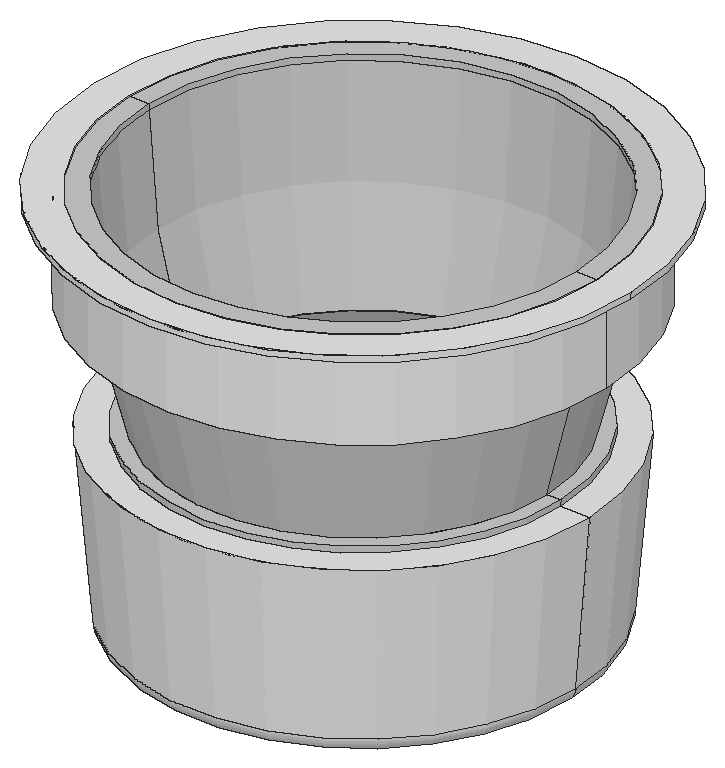
Revit family "2059362 Lighting Fixture_Sylvania_Ascent 150 II Round_Ceiling Recessed", category Lighting Fixtures, host Face, Revit 2017
Family settings
  Host = Face
  Round Connector Dimension = Use Diameter
  Part Type = Normal
  OmniClass Number = 23.80.70.11.17
  OmniClass Title = Specialized Lighting by Location or Use
  Cut with Voids When Loaded = No
  Light Source = Yes
  Shared = No
  Room Calculation Point = No
Parameters (values of type "ASCENT 150 II 2400 4K STD EM")
  Upper Body Radius = Radius - 14.5 mm  # 80.0 mm
  Upper Body Material = Metal_Sylvania_Ascent 150 II_Black
  Ring Outer Diameter = Diameter - 17.0 mm  # 172.0 mm
  Ring Inner Diameter = Ring Outer Diameter - 4.0 mm  # 168.0 mm
  Reflector Material = Metal_Sylvania_Ascent 150 II_Polished
  Recessed Depth = 142.0 mm
  Radius = Diameter / 2  # 94.5 mm
  Light Emit  Diameter = Diameter - 38.0 mm  # 151.0 mm
  LOR = "100%"  # constant formula
  Inrush Current (max. quantity per 16A C breaker) = "80"  # constant formula
  Inner Reflector Radius = Inner Radius - 19.5 mm  # 63.0 mm
  Inner Radius = Inner Diameter / 2  # 82.5 mm
  Inner Diameter = Diameter - 24.0 mm  # 165.0 mm
  IP Rating = "IP44"  # constant formula
  IK Rating = "IK02"  # constant formula
  Glow Wire Test = 650 °C  # constant formula
  Energy Class = "A++,A+,A"  # constant formula
  Weight = 2.45 kg
  Wattage = 3.42276 W
  built-in parameter 1150110 = 1 (stored number, unit not read)
  Voltage Comments = "UNV (Universal Voltage; 220-240 Volt)"  # constant formula
  Voltage = 230 V  # constant formula
  URL = "https://www.sylvania-lighting.com"
  built-in parameter 1114217 = 1 (stored number, unit not read)
  Tilt Angle = -90°
  built-in parameter 1150109 = 1 (stored number, unit not read)
  built-in parameter 1150134 = 12
  built-in parameter 1150113 = 1 (stored number, unit not read)
  Product Page URL = "https://www.sylvania-lighting.com/product/en-int/products/2059362"
  Product Family = "ASCENT 150 II ROUND"  # constant formula
  Photometry Comments = ""
  Photometric Web File = "2059362_ASCENT150II24004KSTDEM-206423.ies"
  Life = "50 000 h"  # constant formula
  Emit from Circle Diameter = Light Emit  Diameter  # 151.0 mm
  Emit Shape Visible in Rendering = no
  Emergency duration (h) = "N/A"
  Electrical Protection = "Class II"  # constant formula
  Drive Current = "700mA"  # constant formula
  Distribution type = "Direct"  # constant formula
  Diffuser Material = Glass_Sylvania_Ascent 150 II_Clear_4000K
  Diameter = 189.0 mm
  Cutout Diameter = Diameter - 13.0 mm  # 176.0 mm
  Colour consistency (SDCM) = "3 step"  # constant formula
  built-in parameter 1114216 [instance] = 1 (stored number, unit not read)
  Model = "ASCENT 150 II 2400 4K STD EM"
  Manufacturer = "Feilo Sylvania"
  built-in parameter 1150105 = 253.56 (stored number, unit not read)
  Lumens = 421 lm
  built-in parameter 1150115 = 1 (stored number, unit not read)
  built-in parameter 1150137 = (empty or 0)
  built-in parameter 1150139 = (empty or 0)
  built-in parameter 1150112 = 1 (stored number, unit not read)
  built-in parameter 1150114 = 1 (stored number, unit not read)
  Lamp Comments = "Integrated LED"  # constant formula
  Lamp = "LED"  # constant formula
  built-in parameter 1150132 = 2
  built-in parameter 1150102 = (empty or 0)
  built-in parameter 1150107 = 4000 (stored number, unit not read)
  built-in parameter 1150138 = (empty or 0)
  built-in parameter 1150106 = 2.5356 (stored number, unit not read)
  built-in parameter 1150104 = 11.427 (stored number, unit not read)
  Dimming Lamp Color Temperature Shift = <None>
  Description = "A very high efficient round downlight up to 127lm/W Long life >50,000hrs 4,000K and 3,000K CCT and CRI Ra85 IP44 rated for wet areas and bathrooms UGR <19 version for offices to comply with EN12464-1 Wide selection of decorative accessories"  # constant formula
  Default Elevation = 0.0 mm
  Color Filter = 16777215
  Catalog Number = "2059362 ASCENT 150 II 2400 4K STD EM"
  built-in parameter 1140040 [instance] = 1
  CRI (Ra) = ">80"  # constant formula
  built-in parameter 1114218 = 1 (stored number, unit not read)
  built-in parameter 1150133 = 10 (stored number, unit not read)
  Assembly Code = "D5020200"
  Apparent Load Comments = ""
  Apparent Load = 14 VA
  Accessory Material = Aluminum_Sylvania_Ascent 150 II_White
Reference planes
  plane 1 "Center (Front/Back)": y = 0
  plane 2: z = 0
  plane 3 "Center (Left/Right)": x = 0
  plane 4: z = 2
  plane 5: z = -74
  plane 6 "Fixture Top": z = -140
  plane 7: z = -31
  plane 8: z = -72
  plane 9: z = -62.037
Forms (mm)
  Extrusion 1, solid, material "Aluminum_Sylvania_Ascent 150 II_White" <- "Accessory Material", detail levels fine
    sketch origin (0, 0, 0) x (1, 0, 0) y (0, 1, 0)
      loop
        circle (0, 0) r 94.5
      loop
        circle (0, 0) r 82.5
    from 0 to 2
  Extrusion 2, void
    sketch origin (0, 0, 0) x (1, 0, 0) y (0, 1, 0)
      loop
        circle (0, 0) r 88
    from -140 to 2
  Revolve 3, solid, material "Metal_Sylvania_Ascent 150 II_Polished" <- "Reflector Material", detail levels fine
    sketch origin (0, 0, 0) x (1, 0, 0) y (0, 0, 1)
      loop
        line (-82.5, 0) -> (-77.5, 0)
        arc (-77.5, 0) -> (-74.352, -36.539) -> (-65, -72) r 213.61
        line (-65, -72) -> (-70, -72) -> (-70, -74) -> (0, -74) -> (0, -72) -> (-63, -72)
        arc (-63, -72) -> (-72.352, -36.539) -> (-75.5, 0) r 213.61
        line (-75.5, 0) -> (-75.5, 2) -> (-82.5, 2) -> (-82.5, 0)
      axis (0, 2) -> (0, -74)
    angle from 0 to 360
  Extrusion 4, solid, material "Aluminum_Sylvania_Ascent 150 II_White" <- "Accessory Material", detail levels fine
    sketch origin (0, 0, 0) x (1, 0, 0) y (0, 1, 0)
      loop
        circle (0, 0) r 86
      loop
        circle (0, 0) r 84
    from -31 to 0
  Revolve 5, solid, material "Glass_Sylvania_Ascent 150 II_Clear_4000K" <- "Diffuser Material", detail levels fine
    sketch origin (0, 0, 0) x (1, 0, 0) y (0, 0, 1)
      loop
        line (-63, -72) -> (0, -72) -> (0, -62.037)
        arc (0, -62.037) -> (-31.891, -64.543) -> (-63, -72) r 204.163
      axis (0, -62.037) -> (0, -72)
    angle from 0 to 360
  Revolve 6, solid, material "Metal_Sylvania_Ascent 150 II_Black" <- "Upper Body Material", detail levels fine
    sketch origin (0, 0, 0) x (1, 0, 0) y (0, 0, 1)
      loop
        line (0, -74) -> (-80, -74) -> (-75.107, -129.929)
        arc (-75.107, -129.929) -> (-73.452, -133.536) -> (-69.924, -135.353) r 6.079
        arc (-69.924, -135.353) -> (-35.039, -138.837) -> (0, -140) r 528.435
        line (0, -140) -> (0, -74)
      axis (0, -74) -> (0, -140)
    angle from 0 to 360
  Revolve 7, solid, material "Aluminum_Sylvania_Ascent 150 II_White" <- "Accessory Material", detail levels coarse+medium
    sketch origin (0, 0, 0) x (1, 0, 0) y (0, 0, 1)
      loop
        arc (-69.924, -135.353) -> (-35.039, -138.837) -> (0, -140) r 528.435
        line (0, -140) -> (0, 2) -> (-94.5, 2) -> (-94.5, 0) -> (-86, 0) -> (-86, -31)
        arc (-86, -31) -> (-84.493, -52.708) -> (-80, -74) r 157.083
        line (-80, -74) -> (-75.107, -129.929)
        arc (-75.107, -129.929) -> (-73.452, -133.536) -> (-69.924, -135.353) r 6.079
      axis (0, 2) -> (0, -140)
    angle from 0 to 360
Cuts and joins
  joined: Extrusion 1, Extrusion 4
Lines and regions (mm)
  Masking region 1
    outline origin (0, 0, 0) x (1, 0, 0) y (0, 1, 0)
      loop
        circle (0, 0) r 94.5
  symbolic lines, detail levels fine
    curve 1: arc (-75.5, 0, 0) -> (0, 75.5, 0) -> (75.5, 0, 0) r 75.5
    curve 2: arc (75.5, 0, 0) -> (0, -75.5, 0) -> (-75.5, 0, 0) r 75.5
Dimensions and locks
  plane 4 to plane 2 to plane 7 to plane 9 to plane 8 to plane 5 = 2.0 mm locked, 31.0 mm locked, 31.037 mm locked, 9.963 mm locked, 2.0 mm locked
  "Inner Radius": plane 3 "Center (Left/Right)" to Revolve 3 sketch curve
  locked: Revolve 3 sketch curve to Revolve 3 sketch curve at 7
  Revolve 3 sketch curve to Revolve 3 sketch curve to Revolve 3 sketch curve to Revolve 3 sketch curve = 2.0 mm locked, 5.0 mm locked, 12.5 mm locked
  "Inner Reflector Radius": Revolve 5 sketch curve to imposter light
  Revolve 6 sketch curve to Revolve 6 sketch curve to plane 6 "Fixture Top" = 5.424 mm locked, 4.647 mm locked
  "Recessed Depth": plane 4 to plane 6 "Fixture Top"
  "Upper Body Radius": plane 3 "Center (Left/Right)" to Revolve 6 sketch curve
  Revolve 6 sketch curve to Revolve 6 sketch curve to Revolve 6 sketch curve = 4.893 mm locked, 5.183 mm locked
  Revolve 7 sketch curve to Revolve 7 sketch curve to plane 6 "Fixture Top" = 5.424 mm locked, 4.647 mm locked
  Revolve 7 sketch curve to Revolve 7 sketch curve to Revolve 7 sketch curve to Revolve 7 sketch curve to Revolve 7 sketch curve = 8.5 mm locked, 6.0 mm locked, 4.893 mm locked, 5.183 mm locked
  "Radius": plane 3 "Center (Left/Right)" to Revolve 7 sketch curve
  "Diameter": diameter of Extrusion 1 sketch curve
  "Inner Diameter": diameter of Extrusion 1 sketch curve
  "Cutout Diameter": diameter of Extrusion 2 sketch curve
  "Ring Outer Diameter": diameter of Extrusion 4 sketch curve
  "Ring Inner Diameter": diameter of Extrusion 4 sketch curve
  aligned and locked: plane 2 to host face
  aligned and locked: level to host face
  aligned and locked: imposter light to plane 3 "Center (Left/Right)"
  aligned and locked: imposter light to plane 1 "Center (Front/Back)"
  aligned and locked: Extrusion 1 to plane 2
  aligned and locked: plane 4 to Extrusion 1
  aligned and locked: imposter light to plane 4
  aligned and locked: imposter light to Revolve 3 sketch curve
  aligned and locked: Revolve 3 sketch curve to imposter light
  aligned and locked: Revolve 3 sketch curve to plane 2
  aligned and locked: Revolve 3 sketch curve to Revolve 3 sketch curve
  aligned and locked: plane 5 to Revolve 3 sketch curve
  aligned and locked: Extrusion 4 to plane 7
  aligned and locked: Revolve 3 sketch curve to plane 8
  aligned and locked: Revolve 5 sketch curve to plane 8
  aligned and locked: imposter light to Revolve 5 sketch curve  (x2)
  aligned and locked: imposter light to Revolve 6 sketch curve  (x2)
  aligned and locked: plane 5 to Revolve 6 sketch curve
  aligned and locked: plane 6 "Fixture Top" to Revolve 6 sketch curve
  aligned and locked: Revolve 7 sketch curve to plane 2
  aligned and locked: plane 4 to Revolve 7 sketch curve
  aligned and locked: plane 7 to Revolve 7 sketch curve
  aligned and locked: imposter light to Extrusion 2
  aligned and locked: Extrusion 2 to plane 6 "Fixture Top"
  aligned and locked: Masking region 1 sketch curve to Revolve 7  (x2)
  aligned and locked: curve 1 to Revolve 3
  aligned and locked: curve 2 to Revolve 3
Automatic sketch dimensions
  host sketch curve to host sketch curve = 1040.406 mm
  host sketch curve to host sketch curve = 988.385 mm
  Extrusion 1 sketch curve to Extrusion 1 sketch curve = 0.0 mm  (x2)
  plane 1 "Center (Front/Back)" to Extrusion 1 sketch curve = 0.0 mm
  Extrusion 1 sketch curve to plane 3 "Center (Left/Right)" = 0.0 mm
  plane 1 "Center (Front/Back)" to Extrusion 2 sketch curve = 0.0 mm
  Extrusion 2 sketch curve to plane 3 "Center (Left/Right)" = 0.0 mm
  Revolve 3 sketch curve to plane 3 "Center (Left/Right)" = 0.0 mm
  Revolve 3 sketch curve to level = 0.0 mm
  Revolve 3 sketch curve to Revolve 3 sketch curve = 2.0 mm
  Revolve 3 sketch curve to plane 5 = 27.065 mm
  plane 4 to Revolve 3 sketch curve = 16.525 mm
  Extrusion 4 sketch curve to Extrusion 4 sketch curve = 0.0 mm  (x2)
  plane 1 "Center (Front/Back)" to Extrusion 4 sketch curve = 0.0 mm
  Extrusion 4 sketch curve to plane 3 "Center (Left/Right)" = 0.0 mm
  Revolve 5 sketch curve to plane 9 = 0.0 mm
  Revolve 5 sketch curve to plane 5 = 17.158 mm
  Revolve 5 sketch curve to plane 7 = 15.158 mm
  Revolve 6 sketch curve to plane 7 = 0.0 mm
  Revolve 6 sketch curve to Revolve 6 sketch curve = 6.05 mm
  Revolve 6 sketch curve to plane 6 "Fixture Top" = 26.0 mm
  Revolve 7 sketch curve to plane 3 "Center (Left/Right)" = 0.0 mm  (x2)
  Revolve 7 sketch curve to plane 6 "Fixture Top" = 0.0 mm
  Revolve 7 sketch curve to plane 5 = 0.0 mm
  Revolve 7 sketch curve to plane 7 = 0.0 mm
  Revolve 7 sketch curve to Revolve 7 sketch curve = 0.866 mm
  Revolve 7 sketch curve to Revolve 7 sketch curve = 26.0 mm
Connectors
  electrical at (0, 0, -140), driven by "Apparent Load", driven by "Voltage"
    settings: index 1, voltage 230 V, apparent load 0 VA, apparent load phase1 14 VA, apparent load phase2 0 VA, apparent load phase3 0 VA, power factor 1, load classification "Lighting", number of poles 1, system type 31, power factor state 1, is connector primary yes, connector utility no, sub classification motor no, connector description ""
